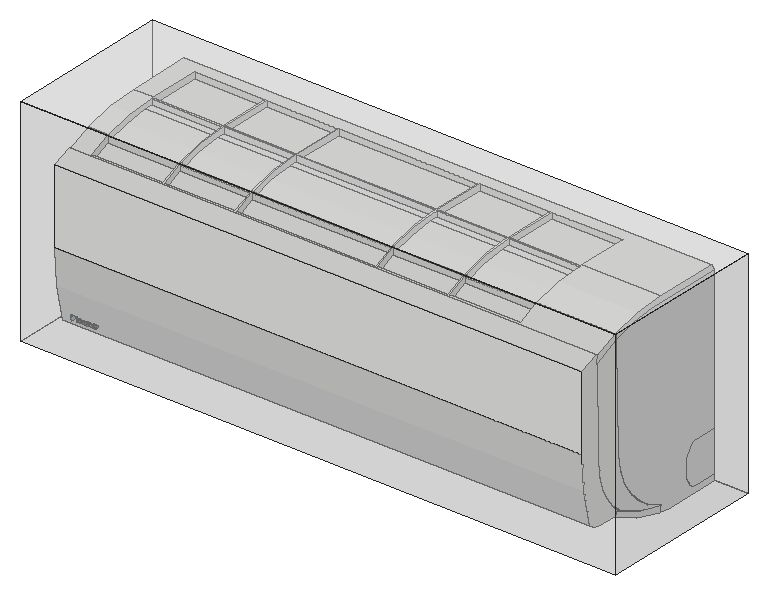
Revit family "outputfile", category 機械設備, Revit 2024
Family settings
  丸型コネクタ寸法 = 半径を使用
  パーツ タイプ = 標準
  OmniClass 番号 = 23.75.10.24.21.27.27
  OmniClass タイトル = Split System Air Conditioning Units
  作業面ベース = いいえ
  常に垂直 = はい
  ロード時にボイドで切り取り = いいえ
  注釈の向きを維持 = いいえ
  共有 = いいえ
  部屋計算ポイント = いいえ
Parameters (values of type "FTKB35XVMV")
  Description = ""
  書き出し IFC クラス(タイプ) = "IfcUnitaryEquipmentType"
  定義済み IFC タイプ(タイプ) = "AIRCONDITIONINGUNIT"
  Cost = 0
  Type Comments = ""
  Keynote = ""
  Type Image = (empty or 0)
  Assembly Code = ""
  w_wall hole = 48.0 mm  # constant formula
  製造元 = "Daikin"
  モデル = "FTKB35XVMV"
  switch_frequency = yes
  r_Liquid Pipe Size = Liquid Pipe Size / 2  # 3.2 mm
  r_Gas Pipe Size = Gas Pipe Size / 2  # 4.75 mm
  r_Drain Pipe Size = Drain Pipe Size / 2  # 8.0 mm
  lw_powersupply [instance] = if(or(Rear Right Connection_refrigerant, Bottom Right Connection_refrigerant), 30.0 mm, if(or(Rear Left Connection_refrigerant, Bottom Left Connection_refrigerant), 740.0 mm, 385.0 mm))  # 385.0 mm
  lw_liquidpipe [instance] = if(or(Rear Right Connection_refrigerant, Bottom Right Connection_refrigerant), 0.0 mm, if(or(Rear Left Connection_refrigerant, Bottom Left Connection_refrigerant), 674.0 mm, 385.0 mm))  # 385.0 mm
  lw_gaspipe [instance] = if(or(Rear Right Connection_refrigerant, Bottom Right Connection_refrigerant), 0.0 mm, if(or(Rear Left Connection_refrigerant, Bottom Left Connection_refrigerant), 674.0 mm, 345.0 mm))  # 345.0 mm
  lw_drainpipe [instance] = if(or(Rear Right Connection_refrigerant, Bottom Right Connection_refrigerant), 0.0 mm, if(or(Rear Left Connection_refrigerant, Bottom Left Connection_refrigerant), 674.0 mm, 440.0 mm))  # 440.0 mm
  l_powersupply_length [instance] = if(Right Connection_refrigerant, 385.0 mm, if(Left Connection_refrigerant, 385.0 mm, if(or(Rear Left Connection_refrigerant, Rear Right Connection_refrigerant), 15.0 mm, 50.0 mm)))  # 385.0 mm
  l_liquidpipe_length [instance] = if(Right Connection_refrigerant, 433.0 mm, if(Left Connection_refrigerant, 337.0 mm, if(or(Rear Left Connection_refrigerant, Rear Right Connection_refrigerant), 30.0 mm, 40.0 mm)))  # 433.0 mm
  l_gaspipe_length [instance] = if(Right Connection_refrigerant, 393.0 mm, if(Left Connection_refrigerant, 377.0 mm, if(or(Rear Left Connection_refrigerant, Rear Right Connection_refrigerant), 40.0 mm, 50.0 mm)))  # 393.0 mm
  l_drainpipe_length [instance] = if(Right Connection_refrigerant, 488.0 mm, if(Left Connection_refrigerant, 282.0 mm, if(or(Rear Left Connection_refrigerant, Rear Right Connection_refrigerant), 15.0 mm, 20.0 mm)))  # 488.0 mm
  h*** = 0.0 mm  # constant formula
  connector_voltage = Voltage_50Hz  # 230 V
  connector_powerinput = [Power Input (Cooling)]  # 0.000 kW
  connector_phase = Phase_50Hz  # 1
  angle_vertical [instance] = if(or(Bottom Left Connection_refrigerant, Bottom Right Connection_refrigerant), 0.00°, 90.00°)  # 90.00°
  angle_horizontal [instance] = if(Right Connection_refrigerant, 90.00°, if(Left Connection_refrigerant, -90.00°, if(or(Rear Left Connection_refrigerant, Rear Right Connection_refrigerant), 180.00°, 0.00°)))  # 90.00°
  Width = 770.0 mm
  Voltage_comment_50Hz = "220 - 240"
  Voltage_50Hz = 230 V
  Version = "ver.1.0"
  Unit Type = "Wall Mounted"
  Unit Mass Weight = 8.00 kg
  Unit Designation [instance] = ""
  Uniclass2015Version = "Products v1.30"
  Uniclass2015Title = "Split coil room air conditioning units"
  Uniclass2015Code = "Pr_70_65_03_86"
  URL = ""
  Total Cooling Capacity [instance] = 0.000 kW
  Sound Pressure Level_M speed (dBA) = 33
  Sound Pressure Level_L speed (dBA) = 28
  Sound Pressure Level_H speed (dBA) = 37
  Sound Power Level_H speed (dB) = 0
  Series = "Single Split_Fan Coil Unit"
  Sensible Cooling Capacity [instance] = 0.000 kW
  Refrigerant Type = "R32"
  Power Input (Cooling) = 0.000 kW
  Phase_50Hz = 1
  Option Accessory 3 [instance] = ""
  Option Accessory 2 [instance] = ""
  Option Accessory 1 [instance] = ""
  Nominal Cooling Capacity = 3.600 kW
  Minimum Circuit Amps_50Hz = 0.0 A
  Minimum Airflow = 426.00 m³/h
  Median Airflow = 528.00 m³/h
  Maximum Fuse Amps_50Hz = 0.0 A
  Maximum Airflow = 642.00 m³/h
  Material_Casing = DAIKIN_White_Casing_indoorunit
  Load Classification = HVAC
  Liquid Pipe Size = 6.4 mm
  Link_Nested Family [instance] = ""
  IfcVersion = ""
  IfcExportType = "AIRCONDITIONINGUNIT"
  IfcExportAs = "IfcUnitaryEquipmentType"
  Height = 285.0 mm
  Heat Exchanger Type = "Cross Fin Coil"
  Gas Pipe Size = 9.5 mm
  Frequency_50Hz = 50 Hz
  Fan Type = "Cross Flow Fan"
  Fan Drive = "Direct Drive"
  FCU Tag No. [instance] = ""
  Drain Pipe Size = 16.0 mm
  Design Supply Airflow [instance] = 0.00 m³/h
  Depth = 242.0 mm
  既定の高さ = 0.0 mm
  Cooling Entering Wet Bulb Temperature [instance] = 0.00 °C
  Cooling Entering Dry Bulb Temperature [instance] = 0.00 °C
  Cooling Ambient Wet Bulb Temperature [instance] = 0.00 °C
  Cooling Ambient Dry Bulb Temperature [instance] = 0.00 °C
  Clearance visibility [instance] = yes
  Clearance Top = 30.0 mm
  Clearance Right = 50.0 mm
  Clearance Rear = 0.0 mm
  Clearance Left = 50.0 mm
  Clearance Front = 0.0 mm
  Clearance Bottom = 0.0 mm
  Bottom Right Connection_refrigerant [instance] = no
  Bottom Left Connection_refrigerant [instance] = no
  Rear Right Connection_refrigerant [instance] = no
  Rear Left Connection_refrigerant [instance] = no
  Right Connection_refrigerant [instance] = yes
  Left Connection_refrigerant [instance] = no
Reference planes
  plane 1 "Back": y = 0
  plane 2: z = 0
  plane 3 "Center (Left/Right)": x = 0
  plane 4 "Center (Front/Back)": y = -121
  plane 5 "Front": y = -242
  plane 6 "Left": x = -385
  plane 7 "Right": x = 385
  plane 8 "Top": z = 0
  plane 9 "Bottom": z = -285
  plane 10: x = -435
  plane 11: x = 435
  plane 12: y = 0
  plane 13: y = -242
  plane 14: z = 30
  plane 15: z = -285
  plane 16 "lw_Piping and Wiring intake": x = 337
  plane 17 "lw_gaspipe": x = -8
  plane 18 "lw_liquidpipe": x = -48
  plane 19 "lw_drainpipe": x = -103
  plane 20 "lh_drainpipe": z = -265
  plane 21 "lh_liquidpipe": z = -245
  plane 22 "lh_gaspipe": z = -235
  plane 23 "ld_drainpipe": y = -15
  plane 24 "ld_liquidpipe": y = -30
  plane 25 "ld_gaspipe": y = -40
  plane 26 "lw_powersupply": x = 0
Dimensions and locks
  equal spacing: plane 6 "Left", plane 3 "Center (Left/Right)", plane 7 "Right"
  "Width": plane 6 "Left" to plane 7 "Right"
  equal spacing: plane 5 "Front", plane 4 "Center (Front/Back)", plane 1 "Back"
  "Depth": plane 5 "Front" to plane 1 "Back"
  "Height": plane 8 "Top" to plane 9 "Bottom"
  "Clearance Rear": plane 12 to plane 1 "Back"
  "Clearance Front": plane 13 to plane 5 "Front"
  "Clearance Top": plane 14 to plane 8 "Top"
  "Clearance Bottom": plane 9 "Bottom" to plane 15
  "w_wall hole": plane 16 "lw_Piping and Wiring intake" to plane 7 "Right"
  "lw_gaspipe": plane 17 "lw_gaspipe" to plane 16 "lw_Piping and Wiring intake"
  "lw_liquidpipe": plane 18 "lw_liquidpipe" to plane 16 "lw_Piping and Wiring intake"
  "lw_drainpipe": plane 19 "lw_drainpipe" to plane 16 "lw_Piping and Wiring intake"
  locked: plane 20 "lh_drainpipe" to plane 9 "Bottom" at 20
  locked: plane 21 "lh_liquidpipe" to plane 9 "Bottom" at 40
  locked: plane 22 "lh_gaspipe" to plane 9 "Bottom" at 50
  locked: plane 23 "ld_drainpipe" to plane 1 "Back" at 15
  locked: plane 1 "Back" to plane 24 "ld_liquidpipe" at 30
  locked: plane 1 "Back" to plane 25 "ld_gaspipe" at 40
  "lw_powersupply": plane 26 "lw_powersupply" to plane 7 "Right"
  "Clearance Right": plane 7 "Right" to plane 11
  "Clearance Left": plane 10 to plane 6 "Left"
  aligned and locked: level to plane 2
  aligned and locked: plane 12 to nested 1
  aligned and locked: nested 1 to plane 13
  aligned and locked: plane 10 to nested 1
  aligned and locked: plane 11 to nested 1
  aligned and locked: plane 15 to nested 1
  aligned and locked: plane 14 to nested 1
  aligned and locked: plane 17 "lw_gaspipe" to nested 2
  aligned and locked: nested 2 to plane 25 "ld_gaspipe"
  aligned and locked: plane 18 "lw_liquidpipe" to nested 3
  aligned and locked: nested 3 to plane 24 "ld_liquidpipe"
  aligned and locked: plane 19 "lw_drainpipe" to nested 4
  aligned and locked: nested 4 to plane 23 "ld_drainpipe"
  aligned and locked: nested 5 to plane 23 "ld_drainpipe"
  aligned and locked: plane 26 "lw_powersupply" to nested 5
  aligned and locked: level to plane 8 "Top"
  aligned and locked: plane 3 "Center (Left/Right)" to nested 6
  aligned and locked: plane 8 "Top" to nested 6
  aligned and locked: plane 1 "Back" to nested 6
Nested families
  nested 1: "daikin_clearancespace" at (0, -121, -127.381), show <- "Clearance visibility", visible <- "Clearance visibility", Link_Nested Family <- "Link_Nested Family", type "daikin_clearancespace"
    with width 870.0 mm, show yes, height 315.0 mm, depth 242.0 mm, Link_Nested Family ""
  nested 2: "daikin_connector_rotate3" at (-8, -40, -235), angle_vertical <- "angle_vertical", angle_horizontal <- "angle_horizontal", length <- "l_gaspipe_length", radius <- "r_Gas Pipe Size", type "daikin_connector_rotate3"
    with show no, radius 4.75 mm, length 393.0 mm, angle_vertical 90.00°, angle_horizontal 90.00°
  nested 3: "daikin_connector_rotate3" at (-48, -30, -245), angle_vertical <- "angle_vertical", angle_horizontal <- "angle_horizontal", radius <- "r_Liquid Pipe Size", length <- "l_liquidpipe_length", type "daikin_connector_rotate3"
    with show no, radius 3.2 mm, length 433.0 mm, angle_vertical 90.00°, angle_horizontal 90.00°
  nested 4: "daikin_connector_rotate3" at (-103, -15, -265), angle_vertical <- "angle_vertical", angle_horizontal <- "angle_horizontal", length <- "l_drainpipe_length", radius <- "r_Drain Pipe Size", type "daikin_connector_rotate3"
    with show no, radius 8.0 mm, length 488.0 mm, angle_vertical 90.00°, angle_horizontal 90.00°
  nested 5: "daikin_connector_rotate3" at (0, -15, -235), angle_vertical <- "angle_vertical", angle_horizontal <- "angle_horizontal", length <- "l_powersupply_length", type "daikin_connector_rotate3"
    with show no, radius 10.0 mm, length 385.0 mm, angle_vertical 90.00°, angle_horizontal 90.00°
  nested 6: "DAIKIN_indoorunit_FTKB-XVMV" at (-31, 0, 0), type "FTKB-XVMV"
Connectors
  piping at (385, -40, -235), diameter 9.5, driven by "r_Gas Pipe Size"
    settings: on nested 2, index 1, connector inside diameter 609.6 mm, connector length 0.0 mm, flow factor 0, pipe flow 0.00 m³/h, pressure drop 0.0 Pa, fitting loss kfactor 0, connector angle 0.00°, fixture units 0, engagement length 0.0 mm, angle of deflection 0.00°, flow configuration 1, flow direction 2, fitting loss method 0, system type 29, joint type 0, gender type 0, connector reference index -1, connector utility 0, adjustable connector no, is connector primary yes, connector description "Refrigerant Gas Piping"
  piping at (385, -30, -245), diameter 6.4, driven by "r_Liquid Pipe Size"
    settings: on nested 3, index 2, connector inside diameter 609.6 mm, connector length 0.0 mm, flow factor 0, pipe flow 0.00 m³/h, pressure drop 0.0 Pa, fitting loss kfactor 0, connector angle 0.00°, fixture units 0, engagement length 0.0 mm, angle of deflection 0.00°, flow configuration 1, flow direction 1, fitting loss method 0, system type 29, joint type 0, gender type 0, connector reference index -1, connector utility 0, adjustable connector no, is connector primary no, connector description "Refrigerant Liquid Piping"
  piping at (385, -15, -265), diameter 16, driven by "r_Drain Pipe Size"
    settings: on nested 4, index 3, connector inside diameter 609.6 mm, connector length 0.0 mm, flow factor 0, pipe flow 0.00 m³/h, pressure drop 0.0 Pa, fitting loss kfactor 0, connector angle 0.00°, fixture units 0, engagement length 0.0 mm, angle of deflection 0.00°, flow configuration 1, flow direction 2, fitting loss method 4, system type 16, joint type 0, gender type 0, connector reference index -1, connector utility 0, adjustable connector no, is connector primary no, connector description "Condensate Drain Piping"
  electrical at (385, -15, -235), driven by "Load Classification", driven by "connector_voltage", driven by "connector_phase", driven by "connector_powerinput"
    settings: on nested 5, index 4, voltage 230 V, apparent load 0 VA, apparent load phase1 0 VA, apparent load phase2 0 VA, apparent load phase3 0 VA, power factor 1, load classification "HVAC", number of poles 1, system type 30, power factor state 1, is connector primary yes, connector utility no, sub classification motor no, connector description "Power Supply"
Definition of nested family "daikin_clearancespace"
  Parameters (values of type "daikin_clearancespace")
    Description = "daikin_clearancespace"
    width [instance] = 1823.963 mm
    show [instance] = yes
    material = none
    height [instance] = 1359.762 mm
    depth [instance] = 880.0 mm
    Default Elevation = 0.0 mm
    Link_Nested Family [instance] = ""
  Reference planes
    plane 1 "Center (Front/Back)": y = 0
    plane 2 "Center (Elevation)": z = -0.119
    plane 3 "Center (Left/Right)": x = 0
    plane 4: y = 440
    plane 5: y = -440
    plane 6 "Right": x = 911.982
    plane 7 "Left": x = -911.982
    plane 8 "Top": z = 679.762
    plane 9 "Bottom": z = -680
  Forms (mm)
    Extrusion 1, solid, material <- "material", visible <- "show"
      sketch origin (0, 0, 0) x (1, 0, 0) y (0, 1, 0)
        loop
          line (-911.982, 440) -> (-911.982, -440) -> (911.982, -440) -> (911.982, 440) -> (-911.982, 440)
      from -680 to 679.762
  Lines and regions (mm)
    symbolic lines, visible <- "show"
      curve 1: line (911.982, 440, 0) -> (-911.982, 440, 0)
      curve 2: line (-911.982, 440, 0) -> (-911.982, -440, 0)
      curve 3: line (-911.982, -440, 0) -> (911.982, -440, 0)
      curve 4: line (911.982, -440, 0) -> (911.982, 440, 0)
      curve 5: line (911.982, 0, 679.762) -> (-911.982, 0, 679.762)
      curve 6: line (911.982, 0, -680) -> (911.982, 0, 679.762)
      curve 7: line (-911.982, 0, -680) -> (911.982, 0, -680)
      curve 8: line (-911.982, 0, 679.762) -> (-911.982, 0, -680)
      curve 9: line (0, 440, 679.762) -> (0, -440, 679.762)
      curve 10: line (0, -440, 679.762) -> (0, -440, -680)
      curve 11: line (0, 440, -680) -> (0, 440, 679.762)
      curve 12: line (0, -440, -680) -> (0, 440, -680)
  Dimensions and locks
    "width": plane 7 "Left" to plane 6 "Right"
    "depth": plane 4 to plane 5
    "height": plane 8 "Top" to plane 9 "Bottom"
    equal spacing: plane 7 "Left", plane 3 "Center (Left/Right)", plane 6 "Right"
    equal spacing: plane 4, plane 1 "Center (Front/Back)", plane 5
    equal spacing: plane 8 "Top", plane 2 "Center (Elevation)", plane 9 "Bottom"
    aligned and locked: level to plane 2 "Center (Elevation)"
    aligned and locked: Extrusion 1 sketch curve to plane 4
    aligned and locked: plane 7 "Left" to Extrusion 1 sketch curve
    aligned and locked: Extrusion 1 sketch curve to plane 5
    aligned and locked: Extrusion 1 sketch curve to plane 6 "Right"
    aligned and locked: plane 8 "Top" to Extrusion 1
    aligned and locked: curve 1 to Extrusion 1
    aligned and locked: curve 2 to Extrusion 1
    aligned and locked: curve 3 to Extrusion 1
    aligned and locked: curve 4 to Extrusion 1
    aligned and locked: curve 5 to Extrusion 1
    aligned and locked: curve 6 to Extrusion 1
    aligned and locked: curve 7 to Extrusion 1
    aligned and locked: curve 8 to Extrusion 1
    aligned and locked: curve 9 to Extrusion 1
    aligned and locked: curve 10 to Extrusion 1
    aligned and locked: curve 11 to Extrusion 1
    aligned and locked: curve 12 to Extrusion 1
    aligned and locked: Extrusion 1 to plane 9 "Bottom"
Definition of nested family "DAIKIN_indoorunit_FTKB-XVMV"
  Parameters (values of type "FTKB-XVMV")
    Width = 770.0 mm
    Material_Casing = none
    Height = 285.0 mm
    Default Elevation = 0.0 mm
  Reference planes
    plane 1 "Center (Front/Back)": y = 0
    plane 2 "reference_level": z = 0
    plane 3 "Center (Left/Right)": x = 31
    plane 4: x = -354
    plane 5: x = 416
    plane 6: y = -242
    plane 7: z = -285
  Forms (mm)
    Extrusion 1, solid, material <- "Material_Casing"
      sketch origin (31, 0, 0) x (0, 1, 0) y (0, 0, 1)
        loop
          line (-181.516, -252.416) -> (-177.432, -245.341)
          arc (-177.432, -245.341) -> (-187.602, -234.721) -> (-196.157, -222.761) r 103
          arc (-196.157, -222.761) -> (-204.858, -204.875) -> (-209.959, -185.65) r 103
          arc (-209.959, -185.65) -> (-211.672, -172.918) -> (-212.646, -160.108) r 222
          arc (-212.646, -160.108) -> (-214.738, -92.842) -> (-214.74, -25.543) r 2166.704
          line (-214.74, -25.543) -> (-242, -36.1) -> (-242, -144.253)
          arc (-242, -144.253) -> (-238.127, -195.07) -> (-226.597, -244.714) r 335.315
          arc (-226.597, -244.714) -> (-218.704, -249.531) -> (-209.718, -251.715) r 30
          arc (-209.718, -251.715) -> (-195.628, -252.481) -> (-181.516, -252.416) r 239.767
      from -385 to 385
    Extrusion 2, solid, material <- "Material_Casing"
      sketch origin (31, 0, 0) x (0, 1, 0) y (0, 0, 1)
        loop
          line (0, -8.5) -> (-113.618, -8.5)
          arc (-113.618, -8.5) -> (-146.846, -12.967) -> (-179.138, -21.983) r 242
          arc (-179.138, -21.983) -> (-179.047, -97.761) -> (-175.674, -173.465) r 1749.053
          arc (-175.674, -173.465) -> (-151.972, -235.488) -> (-97.504, -273.461) r 112.896
          line (-97.504, -273.461) -> (-97.504, -283.03)
          arc (-97.504, -283.03) -> (-89.849, -284.138) -> (-82.162, -285) r 240
          line (-82.162, -285) -> (0, -285) -> (0, -8.5)
      from -385 to 385
    Extrusion 3, solid, material <- "Material_Casing"
      sketch origin (31, 0, 0) x (0, 1, 0) y (0, 0, 1)
        loop
          arc (-98, 0) -> (-139.118, -3.405) -> (-179.116, -13.525) r 250
          arc (-179.116, -13.525) -> (-179.134, -17.754) -> (-179.138, -21.983) r 1232.815
          arc (-179.138, -21.983) -> (-146.846, -12.967) -> (-113.618, -8.5) r 242
          line (-113.618, -8.5) -> (0, -8.5) -> (-5, 0) -> (-98, 0)
      from -385 to 385
    Extrusion 4, solid, material <- "Material_Casing"
      sketch origin (31, 0, 0) x (0, 1, 0) y (0, 0, 1)
        loop
          arc (-179.116, -13.525) -> (-196.73, -20.321) -> (-213.781, -28.427) r 250
          arc (-213.781, -28.427) -> (-213.841, -32.971) -> (-213.891, -37.516) r 2163.952
          arc (-213.891, -37.516) -> (-196.821, -29.065) -> (-179.138, -21.983) r 242
          arc (-179.138, -21.983) -> (-179.134, -17.754) -> (-179.116, -13.525) r 1232.815
      from -385 to 385
    Extrusion 5, solid, material <- "Material_Casing"
      sketch origin (31, 0, 0) x (0, 1, 0) y (0, 0, 1)
        loop
          arc (-179.138, -21.983) -> (-196.821, -29.065) -> (-213.891, -37.516) r 242
          arc (-213.891, -37.516) -> (-213.638, -98.737) -> (-211.653, -159.927) r 2163.952
          arc (-211.653, -159.927) -> (-210.685, -172.747) -> (-208.973, -185.489) r 221
          arc (-208.973, -185.489) -> (-197.132, -219.133) -> (-174.432, -246.644) r 102
          arc (-174.432, -246.644) -> (-137.432, -263.767) -> (-98, -274.128) r 231.303
          line (-98, -274.128) -> (-98, -273.301)
          arc (-98, -273.301) -> (-152.132, -235.283) -> (-175.674, -173.465) r 112.896
          arc (-175.674, -173.465) -> (-179.047, -97.761) -> (-179.138, -21.983) r 1749.053
      from -385 to 385
    Extrusion 6, solid, material <- "Material_Casing"
      sketch origin (31, 0, 0) x (0, 1, 0) y (0, 0, 1)
        loop
          arc (-99, -274.668) -> (-139.156, -263.909) -> (-176.747, -246.156) r 232
          line (-176.747, -246.156) -> (-180.748, -253.084)
          arc (-180.748, -253.084) -> (-141.23, -271.668) -> (-99, -282.784) r 240
          line (-99, -282.784) -> (-99, -274.668)
      from 334 to 385
    Extrusion 7, solid, material <- "Material_Casing"
      sketch origin (31, 0, 0) x (0, 1, 0) y (0, 0, 1)
        loop
          arc (-99, -274.668) -> (-139.156, -263.909) -> (-176.747, -246.156) r 232
          line (-176.747, -246.156) -> (-180.748, -253.084)
          arc (-180.748, -253.084) -> (-141.23, -271.668) -> (-99, -282.784) r 240
          line (-99, -282.784) -> (-99, -274.668)
      from 267 to 333
    Extrusion 8, solid, material <- "Material_Casing"
      sketch origin (31, 0, 0) x (0, 1, 0) y (0, 0, 1)
        loop
          arc (-99, -274.668) -> (-139.156, -263.909) -> (-176.747, -246.156) r 232
          line (-176.747, -246.156) -> (-180.748, -253.084)
          arc (-180.748, -253.084) -> (-141.23, -271.668) -> (-99, -282.784) r 240
          line (-99, -282.784) -> (-99, -274.668)
      from -385 to -338.5
    Extrusion 9, solid, material <- "Material_Casing"
      sketch origin (31, 0, 0) x (0, 1, 0) y (0, 0, 1)
        loop
          arc (-118.787, -270.332) -> (-148.589, -260.214) -> (-176.747, -246.156) r 232
          line (-176.747, -246.156) -> (-180.748, -253.084)
          arc (-180.748, -253.084) -> (-152.638, -267.191) -> (-122.926, -277.5) r 240
          line (-122.926, -277.5) -> (-118.787, -270.332)
      from -335.5 to 264.6
    Extrusion 10, solid, material <- "Material_Casing"
      sketch origin (31, 0, 0) x (0, 1, 0) y (0, 0, 1)
        loop
          line (0, -276.246) -> (0, -216.246) -> (-30, -216.246)
          arc (-30, -216.246) -> (-44.142, -222.104) -> (-50, -236.246) r 20
          line (-50, -236.246) -> (-50, -256.246)
          arc (-50, -256.246) -> (-44.142, -270.388) -> (-30, -276.246) r 20
          line (-30, -276.246) -> (0, -276.246)
      from 380 to 385
    Extrusion 11, solid, material <- "Material_Casing"
      sketch origin (-734, 0, 0) x (0, 1, 0) y (0, 0, 1)
        loop
          line (0, -276.246) -> (0, -216.246) -> (-30, -216.246)
          arc (-30, -216.246) -> (-44.142, -222.104) -> (-50, -236.246) r 20
          line (-50, -236.246) -> (-50, -256.246)
          arc (-50, -256.246) -> (-44.142, -270.388) -> (-30, -276.246) r 20
          line (-30, -276.246) -> (0, -276.246)
      from 380 to 385
    Extrusion 12, solid, material <- "Material_Casing"
      sketch origin (4267.2, -957.059, -285) x (0, -1, 0) y (1, 0, 0)
        loop
          line (-957.059, -4610.2) -> (-927.059, -4610.2)
          arc (-927.059, -4610.2) -> (-912.917, -4604.342) -> (-907.059, -4590.2) r 20
          line (-907.059, -4590.2) -> (-907.059, -4570.2)
          arc (-907.059, -4570.2) -> (-912.917, -4556.058) -> (-927.059, -4550.2) r 20
          line (-927.059, -4550.2) -> (-957.059, -4550.2) -> (-957.059, -4610.2)
        loop
          line (-957.059, -3922.2) -> (-927.059, -3922.2)
          arc (-927.059, -3922.2) -> (-912.917, -3916.342) -> (-907.059, -3902.2) r 20
          line (-907.059, -3902.2) -> (-907.059, -3882.2)
          arc (-907.059, -3882.2) -> (-912.917, -3868.058) -> (-927.059, -3862.2) r 20
          line (-927.059, -3862.2) -> (-957.059, -3862.2) -> (-957.059, -3922.2)
      from 0 to 5
    Extrusion 13, solid, material <- "Material_Casing"
      sketch origin (0, 0, 0) x (1, 0, 0) y (0, 0, 1)
        loop
          circle (-306, -240.5) r 32.5
        loop
          circle (368, -240.5) r 32.5
      from 0 to 5
    Extrusion 14, void
      sketch origin (0, 0, 0) x (1, 0, 0) y (0, 1, 0)
        loop
          line (-324.5, -23.5) -> (-324.5, -100) -> (-221, -100) -> (-221, -23.5) -> (-324.5, -23.5)
        loop
          line (-324.5, -102) -> (-324.5, -180.5) -> (-221, -180.5) -> (-221, -102) -> (-324.5, -102)
        loop
          line (-221, -181.5) -> (-324.5, -181.5) -> (-324.5, -210) -> (-221, -210) -> (-221, -181.5)
        loop
          line (-219, -23.5) -> (-219, -100) -> (-115.5, -100) -> (-115.5, -23.5) -> (-219, -23.5)
        loop
          line (-219, -102) -> (-219, -180.5) -> (-115.5, -180.5) -> (-115.5, -102) -> (-219, -102)
        loop
          line (-115.5, -181.5) -> (-219, -181.5) -> (-219, -210) -> (-115.5, -210) -> (-115.5, -181.5)
        loop
          line (92, -23.5) -> (92, -100) -> (195.5, -100) -> (195.5, -23.5) -> (92, -23.5)
        loop
          line (92, -102) -> (92, -180.5) -> (195.5, -180.5) -> (195.5, -102) -> (92, -102)
        loop
          line (195.5, -181.5) -> (92, -181.5) -> (92, -210) -> (195.5, -210) -> (195.5, -181.5)
        loop
          line (197.5, -23.5) -> (197.5, -100) -> (301, -100) -> (301, -23.5) -> (197.5, -23.5)
        loop
          line (197.5, -102) -> (197.5, -180.5) -> (301, -180.5) -> (301, -102) -> (197.5, -102)
        loop
          line (301, -181.5) -> (197.5, -181.5) -> (197.5, -210) -> (301, -210) -> (301, -181.5)
        loop
          line (-113.5, -23.5) -> (-113.5, -100) -> (90, -100) -> (90, -23.5) -> (-113.5, -23.5)
        loop
          line (-113.5, -102) -> (-113.5, -180.5) -> (90, -180.5) -> (90, -102) -> (-113.5, -102)
        loop
          line (-113.5, -181.5) -> (-113.5, -210) -> (90, -210) -> (90, -181.5) -> (-113.5, -181.5)
      from -45.568 to 39.59
  Cuts and joins
    Extrusion 14 cuts Extrusion 4
    Extrusion 14 cuts Extrusion 3
  Dimensions and locks
    plane 4 to plane 5 = 770.0 mm
    plane 4 to plane 3 "Center (Left/Right)" to plane 5 = 385.0 mm, 385.0 mm
    plane 6 to plane 1 "Center (Front/Back)" = 242.0 mm
    level to plane 7 = 285.0 mm
    locked: Extrusion 13 sketch curve to plane 4 at 48
    locked: plane 5 to Extrusion 13 sketch curve at 48
    locked: Extrusion 13 sketch curve to plane 7 at 44.5  (x2)
    locked: nested 1 to plane 4 at 15
    radius of Extrusion 13 sketch curve = 32.5 mm  (x2)
    aligned and locked: level to plane 2 "reference_level"
  Nested families
    nested 1: "daikin_logo_plane_w40" at (-320, -229.425, -231.122) x (1, 0, 0) z (0, -0.9656, -0.2599), type "daikin_logo_plane_w40"
      with show_logo yes
  Definition of nested family "daikin_logo_plane_w40"
    Parameters (values of type "daikin_logo_plane_w40")
      width = 40.0 mm
      show_logo [instance] = yes
      material = none
      height = 0.0 mm
      depth = 0.0 mm
      Default Elevation = 1219.2 mm
    Reference planes
      plane 1 "Center (Front/Back)": y = 0
      plane 2: z = 0
      plane 3 "Center (Left/Right)": x = 0
      plane 4: z = 2
      plane 5 "left": x = -19
      plane 6: x = 19
    Forms (mm)
      Extrusion 1, solid, visible <- "show_logo"
        sketch origin (-19, 0, 0) x (1, 0, 0) y (0, 1, 0)
          loop
            line (8.902, -1.878) -> (7.789, -6.332) -> (11.13, -6.332)
            arc (11.13, -6.332) -> (12.454, -6.064) -> (13.472, -5.176) r 2.642
            arc (13.472, -5.176) -> (13.92, -4.02) -> (13.767, -2.79) r 2.537
            arc (13.767, -2.79) -> (13.452, -2.342) -> (12.982, -2.06) r 1.321
            arc (12.982, -2.06) -> (12.063, -1.902) -> (11.13, -1.878) r 6.479
            line (11.13, -1.878) -> (8.902, -1.878)
          loop
            line (10.016, -5.441) -> (10.907, -5.441)
            arc (10.907, -5.441) -> (11.591, -4.983) -> (11.988, -4.261) r 1.742
            spline (11.988, -4.261) -> (12.01, -4.155) -> (12.027, -4.03) -> (12.037, -3.893) -> (12.037, -3.747) -> (12.026, -3.598) -> (12.002, -3.451) -> (11.962, -3.31) -> (11.905, -3.181) -> (11.829, -3.069) -> (11.731, -2.978) -> (11.61, -2.913) -> (11.464, -2.88)
            line (11.464, -2.88) -> (10.573, -2.88) -> (10.016, -5.441)
          loop
            line (13.58, -6.332) -> (14.805, -6.332) -> (15.223, -5.553) -> (16.977, -5.553) -> (17.144, -6.332) -> (19.149, -6.332) -> (18.258, -1.878) -> (16.03, -1.878) -> (13.58, -6.332)
          loop
            line (16.476, -3.214) -> (15.76, -4.551) -> (16.762, -4.551) -> (16.476, -3.214)
          loop
            line (19.705, -6.332) -> (21.599, -6.332) -> (22.712, -1.878) -> (20.819, -1.878) -> (19.705, -6.332)
          loop
            line (22.712, -6.332) -> (24.606, -6.332) -> (24.908, -5.122) -> (25.831, -6.332) -> (28.17, -6.332) -> (26.388, -3.994) -> (28.949, -1.878) -> (26.945, -1.878) -> (25.401, -3.153) -> (25.719, -1.878) -> (23.826, -1.878) -> (22.712, -6.332)
          loop
            line (29.84, -1.878) -> (28.615, -6.332) -> (30.62, -6.332) -> (31.734, -1.878) -> (29.84, -1.878)
          loop
            line (31.734, -6.332) -> (33.07, -6.332) -> (33.7, -3.814) -> (34.518, -6.332) -> (36.745, -6.332) -> (37.859, -1.878) -> (36.523, -1.878) -> (35.845, -4.589) -> (34.963, -1.878) -> (32.847, -1.878) -> (31.734, -6.332)
        from 0 to 2
      Extrusion 2, solid, visible <- "show_logo"
        sketch origin (-19, 0, 0) x (1, 0, 0) y (0, 1, 0)
          loop
            line (8.7, 0) -> (4.235, 0) -> (0, -3.879) -> (0, -8) -> (8.7, 0)
        from 0 to 2
      Extrusion 3, solid, visible <- "show_logo"
        sketch origin (-19, 0, 0) x (1, 0, 0) y (0, 1, 0)
          loop
            line (0, 0) -> (0, -3.879) -> (4.235, 0) -> (0, 0)
        from 0 to 2
    Dimensions and locks
      plane 4 to plane 2 = 2.0 mm
      equal spacing: plane 5 "left", plane 3 "Center (Left/Right)", plane 6
      locked: plane 5 "left" to plane 6 at 38
      aligned and locked: level to plane 2
      aligned and locked: Extrusion 3 to plane 1 "Center (Front/Back)"  (x2)
      aligned and locked: Extrusion 2 to plane 1 "Center (Front/Back)"  (x2)
      aligned and locked: plane 4 to Extrusion 1
      aligned and locked: plane 4 to Extrusion 3
      aligned and locked: plane 4 to Extrusion 2
      aligned and locked: Extrusion 3 to plane 5 "left"
      aligned and locked: Extrusion 2 to plane 5 "left"
    Automatic sketch dimensions
      Extrusion 1 sketch curve to Extrusion 1 sketch curve = 0.901 mm
      Extrusion 1 sketch curve to Extrusion 1 sketch curve = 1.559 mm
      Extrusion 1 sketch curve to Extrusion 1 sketch curve = 1.327 mm
      Extrusion 1 sketch curve to Extrusion 1 sketch curve = 2.145 mm
      Extrusion 1 sketch curve to Extrusion 1 sketch curve = 1.448 mm
      Extrusion 1 sketch curve to Extrusion 1 sketch curve = 2.116 mm
      Extrusion 1 sketch curve to Extrusion 1 sketch curve = 1.114 mm  (x4)
      Extrusion 1 sketch curve to Extrusion 1 sketch curve = 1.336 mm  (x2)
      plane 1 "Center (Front/Back)" to Extrusion 1 sketch curve = 1.878 mm  (x5)
      Extrusion 1 sketch curve to Extrusion 1 sketch curve = 1.893 mm  (x5)
      Extrusion 1 sketch curve to Extrusion 1 sketch curve = 0.891 mm  (x4)
      Extrusion 1 sketch curve to Extrusion 1 sketch curve = 2.005 mm  (x3)
      Extrusion 1 sketch curve to Extrusion 1 sketch curve = 0.445 mm  (x2)
      plane 1 "Center (Front/Back)" to Extrusion 1 sketch curve = 3.994 mm
      Extrusion 1 sketch curve to Extrusion 1 sketch curve = 0.557 mm  (x2)
      Extrusion 1 sketch curve to Extrusion 1 sketch curve = 2.339 mm  (x2)
      Extrusion 1 sketch curve to Extrusion 1 sketch curve = 1.225 mm  (x3)
      plane 1 "Center (Front/Back)" to Extrusion 1 sketch curve = 3.153 mm
      Extrusion 1 sketch curve to Extrusion 1 sketch curve = 0.987 mm
      plane 1 "Center (Front/Back)" to Extrusion 1 sketch curve = 5.122 mm
      Extrusion 1 sketch curve to Extrusion 1 sketch curve = 0.922 mm
      plane 1 "Center (Front/Back)" to Extrusion 1 sketch curve = 6.332 mm
      Extrusion 1 sketch curve to Extrusion 1 sketch curve = 2.562 mm
      plane 1 "Center (Front/Back)" to Extrusion 1 sketch curve = 5.553 mm
      Extrusion 1 sketch curve to Extrusion 1 sketch curve = 0.167 mm
      Extrusion 1 sketch curve to Extrusion 1 sketch curve = 0.215 mm
      plane 1 "Center (Front/Back)" to Extrusion 1 sketch curve = 3.214 mm
      Extrusion 1 sketch curve to Extrusion 1 sketch curve = 0.286 mm
      plane 1 "Center (Front/Back)" to Extrusion 1 sketch curve = 4.551 mm
      Extrusion 1 sketch curve to Extrusion 1 sketch curve = 1.002 mm
      Extrusion 1 sketch curve to Extrusion 1 sketch curve = 0.537 mm
      Extrusion 1 sketch curve to Extrusion 1 sketch curve = 0.418 mm
      Extrusion 1 sketch curve to Extrusion 1 sketch curve = 1.028 mm
      plane 1 "Center (Front/Back)" to Extrusion 1 sketch curve = 4.261 mm
      Extrusion 1 sketch curve to Extrusion 1 sketch curve = 0.563 mm
      plane 1 "Center (Front/Back)" to Extrusion 1 sketch curve = 2.88 mm
      Extrusion 1 sketch curve to Extrusion 1 sketch curve = 1.088 mm
      Extrusion 1 sketch curve to Extrusion 1 sketch curve = 2.152 mm
      Extrusion 1 sketch curve to Extrusion 1 sketch curve = 0.586 mm
      Extrusion 1 sketch curve to Extrusion 1 sketch curve = 0.118 mm
      Extrusion 1 sketch curve to Extrusion 1 sketch curve = 0.298 mm
      Extrusion 1 sketch curve to Extrusion 1 sketch curve = 0.334 mm
      Extrusion 1 sketch curve to Extrusion 1 sketch curve = 0.223 mm
      Extrusion 1 sketch curve to Extrusion 1 sketch curve = 0.266 mm
      Extrusion 1 sketch curve to Extrusion 1 sketch curve = 1.671 mm
      Extrusion 1 sketch curve to Extrusion 1 sketch curve = 2.227 mm
      Extrusion 1 sketch curve to Extrusion 1 sketch curve = 0.0 mm  (x7)
      Extrusion 1 sketch curve to Extrusion 1 sketch curve = 3.453 mm
      Extrusion 1 sketch curve to Extrusion 1 sketch curve = 2.017 mm
      Extrusion 1 sketch curve to Extrusion 1 sketch curve = 0.78 mm  (x2)
      Extrusion 1 sketch curve to Extrusion 1 sketch curve = 1.743 mm
      Extrusion 1 sketch curve to Extrusion 1 sketch curve = 0.775 mm
      Extrusion 1 sketch curve to Extrusion 1 sketch curve = 0.552 mm
      Extrusion 1 sketch curve to Extrusion 1 sketch curve = 0.014 mm
      Extrusion 1 sketch curve to Extrusion 1 sketch curve = 0.952 mm
      Extrusion 1 sketch curve to Extrusion 1 sketch curve = 1.215 mm
      Extrusion 1 sketch curve to Extrusion 1 sketch curve = 0.108 mm
      plane 1 "Center (Front/Back)" to Extrusion 2 sketch curve = 0.0 mm
      Extrusion 2 sketch curve to plane 3 "Center (Left/Right)" = 19.0 mm
      Extrusion 2 sketch curve to plane 3 "Center (Left/Right)" = 14.765 mm
      Extrusion 2 sketch curve to Extrusion 2 sketch curve = 4.465 mm
      plane 1 "Center (Front/Back)" to Extrusion 2 sketch curve = 3.879 mm
      Extrusion 2 sketch curve to Extrusion 2 sketch curve = 4.12 mm
      plane 1 "Center (Front/Back)" to Extrusion 3 sketch curve = 0.0 mm
      Extrusion 3 sketch curve to plane 3 "Center (Left/Right)" = 19.0 mm
      Extrusion 3 sketch curve to plane 3 "Center (Left/Right)" = 14.765 mm
      plane 1 "Center (Front/Back)" to Extrusion 3 sketch curve = 3.879 mm
      Extrusion 1 sketch curve to plane 3 "Center (Left/Right)" = 11.211 mm
      Extrusion 1 sketch curve to Extrusion 1 sketch curve = 1.782 mm
Definition of nested family "daikin_connector_rotate3"
  Parameters (values of type "daikin_connector_rotate3")
    show [instance] = yes
    radius [instance] = 10.0 mm
    length [instance] = 600.0 mm
    angle_horizontal [instance] = 60.00°
    angle_vertical [instance] = 90.00°
    Default Elevation = 1219.2 mm
  Reference planes
    plane 1 "Center (Front/Back)": y = 0
    plane 2: z = 0
    plane 3 "Center (Left/Right)": x = 0
  Dimensions and locks
    "angle_horizontal": angle plane 3 "Center (Left/Right)" to nested 1
    aligned and locked: level to plane 2
    aligned and locked: plane 1 "Center (Front/Back)" to nested 1  (x2)
    aligned and locked: plane 3 "Center (Left/Right)" to nested 1
  Nested families
    nested 1: "daikin_connector_rotate2" at (0, 0, 0) x (0.5, 0.866, 0) z (0, 0, 1), angle_vertical <- "angle_vertical", length <- "length", radius <- "radius", type "daikin_connector_rotate2"
      with radius 10.0 mm, length 600.0 mm, angle_vertical 90.00°
  Definition of nested family "daikin_connector_rotate2"
    Parameters (values of type "daikin_connector_rotate2")
      show_face = yes
      radius [instance] = 10.0 mm
      length [instance] = 600.0 mm
      d_surface = 10.0 mm
      angle_vertical [instance] = 90.00°
      Default Elevation = 0.0 mm
    Reference planes
      plane 1 "Center (Front/Back)": y = 0
      plane 2: z = 0
      plane 3 "Center (Left/Right)": x = 0
    Forms (mm)
      Extrusion 1, solid, visible <- "show_face"
        sketch origin (0, -600, 0) x (1, 0, 0) y (0, 0, 1)
          loop
            circle (0, 0) r 10
        from 0 to -10
    Lines and regions (mm)
      reference lines
        curve 1: line (0, 0, 0) -> (0, -600, 0)
      symbolic lines
        curve 2: circle (0, 0, 0) r 5 normal (0, 0, 1)
      model lines, visible <- "show_face"
        curve 3: line (0, 0, 0) -> (0, -600, 0)
    Dimensions and locks
      "length": curve 1 to curve 1
      "length": curve 3 to curve 3
      "d_surface": Extrusion 1 to Extrusion 1
      "radius": radius of Extrusion 1 sketch curve
      "angle_vertical": angle curve 1 to plane 1 "Center (Front/Back)"
      "angle_vertical": angle curve 3 to plane 1 "Center (Front/Back)"
      aligned and locked: level to plane 2
      aligned and locked: plane 1 "Center (Front/Back)" to curve 1
      aligned and locked: plane 2 to curve 1
      aligned and locked: plane 1 "Center (Front/Back)" to curve 2
      aligned and locked: plane 3 "Center (Left/Right)" to curve 2
      aligned and locked: plane 1 "Center (Front/Back)" to curve 3
      aligned and locked: plane 2 to curve 3
      aligned and locked: Extrusion 1 to Extrusion 1
    Automatic sketch dimensions
      Extrusion 1 sketch curve to level = 0.0 mm
      Extrusion 1 sketch curve to plane 3 "Center (Left/Right)" = 0.0 mm
      radius of curve 2 = 5.0 mm
